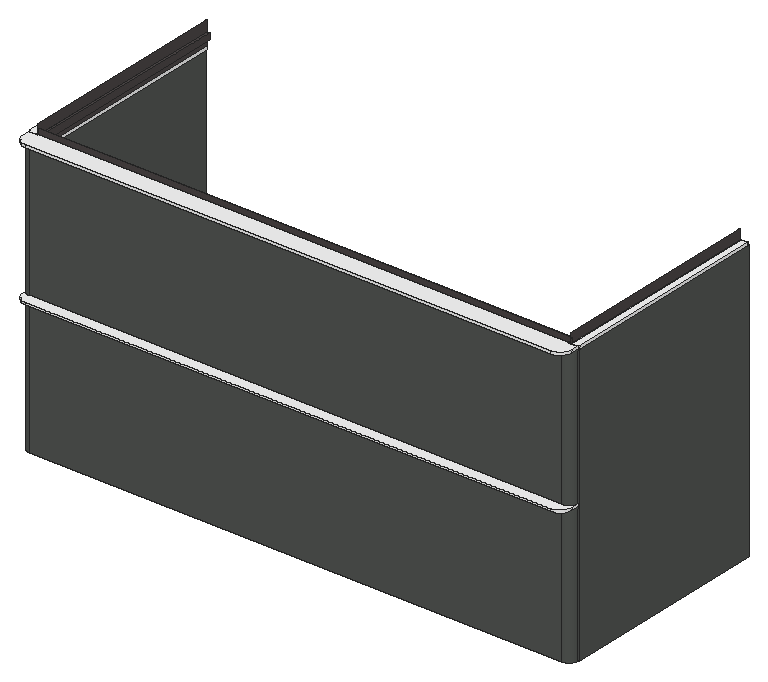
Revit family "vanity unit with 2 drawers", category Furniture, Revit 2019 (continued)
Definition of nested family "vanity unit 580_475 with 2 drawers for washbasin-54024700-diamond matt grey-matt_white-200_content"
  Parameters (values of type "Vanity unit 580_475 with 2 drawers for washbasin-54024700-Diamond Matt Grey-MATT_WHITE-200_Content")
    NAME = "Xelu Q Vanity unit Diamond Matt Grey 580/475 with 2 drawers for washbasin"
    Model = "Vanity unit 580/475 with 2 drawers for washbasin-54024700-Diamond Matt Grey-MATT_WHITE-200"
    Manufacturer = "Hansgrohe"
    MASTERFORMAT = "12 35 30.23 | Bathroom Casework"
    LODLEVEL = "200"
    LINA = "Vanity unit 580/475 with 2 drawers for washbasin-54024700-Diamond Matt Grey-MATT_WHITE-200"
    L = 580
    IFC = "Furnishing element"
    GTINCODE = "4059625455630"
    ETIM = "EC011381 | Bathroom furniture set"
    Default Elevation = 1219.2 mm
    DESIGN = "Germany"
    ContentVisible [instance] = yes
    CATALOG = "Hansgrohe"
    BIMOBJECT = "Sanitary: Compound units"
    BASENUMBER = "Vanity unit 580/475 with 2 drawers for washbasin"
    ARTNR = "54024700"
  Reference planes
    plane 1 "Center (Front/Back)": y = 0
    plane 2: z = 0
    plane 3 "Center (Left/Right)": x = 0
  Forms (mm)
    Extrusion 1, solid, visible <- "ContentVisible", detail levels medium+fine
      sketch origin (0, 0, 0) x (1, 0, 0) y (0, 1, 0)
        loop
          line (-290, 0) -> (-290, -476) -> (290, -476) -> (290, 0) -> (274, 0) -> (274, -72) -> (-274, -72) -> (-274, 0) -> (-290, 0)
      from 0 to 600
    Extrusion 2, solid, visible <- "ContentVisible", detail levels medium+fine
      sketch origin (0, 0, 297) x (1, 0, 0) y (0, 1, 0)
        loop
          line (-288.5, -453.5) -> (-288.5, -496) -> (288.5, -496) -> (288.5, -453.5) -> (-288.5, -453.5)
      from 0 to 5
    Extrusion 3, solid, visible <- "ContentVisible", detail levels medium+fine
      sketch origin (0, 0, 600) x (1, 0, 0) y (0, 1, 0)
        loop
          line (-288.5, -453.5) -> (-288.5, -496) -> (288.5, -496) -> (288.5, -453.5) -> (-288.5, -453.5)
      from 0 to 5
    Extrusion 4, solid, visible <- "ContentVisible", detail levels medium+fine
      sketch origin (0, 0, 0) x (1, 0, 0) y (0, 0, -1)
        loop
          line (-274, -566.8) -> (-274, -605) -> (-272.5, -605) -> (-272.5, -566.8) -> (-274, -566.8)
      from -455 to 0
    Extrusion 5, solid, visible <- "ContentVisible", detail levels medium+fine
      sketch origin (0, 0, 0) x (1, 0, 0) y (0, 0, -1)
        loop
          line (272.5, -566.8) -> (272.5, -605) -> (274, -605) -> (274, -566.8) -> (272.5, -566.8)
      from -455 to 0
    Extrusion 6, solid, visible <- "ContentVisible", detail levels medium+fine
      sketch origin (0, 0, 600) x (1, 0, 0) y (0, 1, 0)
        loop
          line (-290, 0) -> (-290, -455) -> (-274, -455) -> (-274, 0) -> (-290, 0)
      from 0 to 5
    Extrusion 7, solid, visible <- "ContentVisible", detail levels medium+fine
      sketch origin (0, 0, 600) x (1, 0, 0) y (0, 1, 0)
        loop
          line (274, 0) -> (274, -455) -> (290, -455) -> (290, 0) -> (274, 0)
      from 0 to 5
    Extrusion 8, solid, visible <- "ContentVisible", detail levels medium+fine
      sketch origin (0, 0, 0) x (1, 0, 0) y (0, 0, -1)
        loop
          line (-272.5, -575.3) -> (-272.5, -624.5) -> (-266.4, -624.5) -> (-266.4, -575.3) -> (-272.5, -575.3)
      from -453.5 to 0
    Extrusion 9, solid, visible <- "ContentVisible", detail levels medium+fine
      sketch origin (0, 0, 0) x (1, 0, 0) y (0, 0, -1)
        loop
          line (266.4, -575.3) -> (266.4, -624.5) -> (272.5, -624.5) -> (272.5, -575.3) -> (266.4, -575.3)
      from -453.5 to 0
    Extrusion 10, solid, visible <- "ContentVisible", detail levels medium+fine
      sketch origin (0, 0, 0) x (0, 0, -1) y (0, 1, 0)
        loop
          line (-616, -453.5) -> (-567, -453.5) -> (-567, -447.4) -> (-616, -447.4) -> (-616, -453.5)
      from -272.5 to 272.5
    Extrusion 11, solid, visible <- "ContentVisible", detail levels coarse
      sketch origin (0, -248, 0) x (1, 0, 0) y (0, 1, 0)
        loop
          line (-290, -248) -> (290, -248) -> (290, 248) -> (-290, 248) -> (-290, -248)
      from 0 to 624.5
  Dimensions and locks
    aligned and locked: level to plane 2
Definition of nested family "vanity unit 580_475 with 2 drawers for washbasin-54024700-diamond matt grey-matt_white-400_content"
  Parameters (values of type "Vanity unit 580_475 with 2 drawers for washbasin-54024700-Diamond Matt Grey-MATT_WHITE-400_Content")
    etim7_EC011381 = "EC011381"
    WEIGHT = "28.2"
    UNSPSC = "56 | Furniture and Furnishings"
    UNIFORMATII = "E2010 | Fixed Furnishings"
    UNICLASS_2015_CODE = "40_30_78_05"
    UNICLASS2015 = "Pr_40_30_78_05 | Bathroom furniture"
    SURFACE = "MATT_WHITE"
    REGIONSET = "Worldwide"
    PRODUCTURL = "https://pro.hansgrohe.com/articledetail--54024000"
    PRODUCTGROUP = "vanity unit"
    PRODUCTFAMILY = "Xelu Q"
    PERMALINK = "54024XXX"
    OMNICLASS = "23-21 19 15 33 13 | Residential Bathroom Specialty Casework"
    OBJECTTYPE = "Object (single object)"
    OBERFLAECHE = "Diamond Matt Grey"
    NN = "Vanity Unit with 2 Drawers"
    NBSYN = "$BASENUMBER.-$ARTNR.-$OBERFLAECHE.-$SURFACE.-$LODLEVEL."
    NB = "Vanity unit 580/475 with 2 drawers for washbasin-54024700-Diamond Matt Grey-MATT_WHITE-400"
    NAME = "Xelu Q Vanity unit Diamond Matt Grey 580/475 with 2 drawers for washbasin"
    Model = "Vanity unit 580/475 with 2 drawers for washbasin-54024700-Diamond Matt Grey-MATT_WHITE-400"
    Manufacturer = "Hansgrohe"
    MASTERFORMAT = "12 35 30.23 | Bathroom Casework"
    LODLEVEL = "400"
    LINA = "Vanity unit 580/475 with 2 drawers for washbasin-54024700-Diamond Matt Grey-MATT_WHITE-400"
    L = 580
    IFC = "Furnishing element"
    GTINCODE = "4059625455630"
    ETIM = "EC011381 | Bathroom furniture set"
    Default Elevation = 1219.2 mm
    DESIGN = "Germany"
    ContentVisible [instance] = yes
    CATALOG = "Hansgrohe"
    BIMOBJECT = "Sanitary: Compound units"
    BASENUMBER = "Vanity unit 580/475 with 2 drawers for washbasin"
    ARTNR = "54024700"
  Reference planes
    plane 1 "Center (Front/Back)": y = 0
    plane 2: z = 0
    plane 3 "Center (Left/Right)": x = 0
  Forms (mm)
    Extrusion 1, solid, visible <- "ContentVisible", detail levels medium+fine
      sketch origin (0, 0, 0) x (1, 0, 0) y (0, 1, 0)
        loop
          line (-290, 0) -> (-290, -452)
          arc (-290, -452) -> (-289.121, -454.121) -> (-287, -455) r 3
          line (-287, -455) -> (-274, -455) -> (-274, 0) -> (-290, 0)
      from 0 to 600
    Extrusion 2, solid, visible <- "ContentVisible", detail levels medium+fine
      sketch origin (0, 0, 2) x (1, 0, 0) y (0, 1, 0)
        loop
          line (-274, -88) -> (-274, -455) -> (274, -455) -> (274, -88) -> (-274, -88)
      from 0 to 16
    Extrusion 3, solid, visible <- "ContentVisible", detail levels medium+fine
      sketch origin (0, 0, 0) x (1, 0, 0) y (0, 1, 0)
        loop
          line (274, 0) -> (274, -455) -> (287, -455)
          arc (287, -455) -> (289.121, -454.121) -> (290, -452) r 3
          line (290, -452) -> (290, 0) -> (274, 0)
      from 0 to 600
    Extrusion 4, solid, visible <- "ContentVisible", detail levels medium+fine
      sketch origin (0, 0, 2) x (1, 0, 0) y (0, 1, 0)
        loop
          line (-274, -72) -> (-274, -88) -> (274, -88) -> (274, -72) -> (-274, -72)
      from 0 to 126
    Extrusion 5, solid, visible <- "ContentVisible", detail levels medium+fine
      sketch origin (0, 0, 2) x (1, 0, 0) y (0, 1, 0)
        loop
          arc (-290, -457) -> (-284.435, -470.435) -> (-271, -476) r 19
          line (-271, -476) -> (271, -476)
          arc (271, -476) -> (284.435, -470.435) -> (290, -457) r 19
          line (290, -457) -> (290, -455) -> (-290, -455) -> (-290, -457)
      from 0 to 295
    Extrusion 6, solid, visible <- "ContentVisible", detail levels medium+fine
      sketch origin (0, 0, 305) x (1, 0, 0) y (0, 1, 0)
        loop
          arc (-290, -457) -> (-284.435, -470.435) -> (-271, -476) r 19
          line (-271, -476) -> (271, -476)
          arc (271, -476) -> (284.435, -470.435) -> (290, -457) r 19
          line (290, -457) -> (290, -455) -> (-290, -455) -> (-290, -457)
      from 0 to 295
    Extrusion 7, solid, visible <- "ContentVisible", detail levels medium+fine
      sketch origin (0, 0, 297) x (1, 0, 0) y (0, 1, 0)
        loop
          line (-288.5, -455) -> (-288.5, -471)
          arc (-288.5, -471) -> (-281.178, -488.678) -> (-263.5, -496) r 25
          line (-263.5, -496) -> (263.5, -496)
          arc (263.5, -496) -> (281.178, -488.678) -> (288.5, -471) r 25
          line (288.5, -471) -> (288.5, -455) -> (268.5, -455) -> (268.5, -453.5) -> (-268.5, -453.5) -> (-268.5, -455) -> (-288.5, -455)
      from 0 to 5
    Extrusion 8, solid, visible <- "ContentVisible", detail levels medium+fine
      sketch origin (0, 0, 0) x (0, 0, -1) y (0, 1, 0)
        loop
          line (-297, -453.5) -> (-297, -455) -> (-267, -455) -> (-267, -453.5) -> (-297, -453.5)
      from -268.5 to 268.5
    Extrusion 9, solid, visible <- "ContentVisible", detail levels medium+fine
      sketch origin (0, 0, 600) x (1, 0, 0) y (0, 1, 0)
        loop
          line (-288.5, -455) -> (-288.5, -471)
          arc (-288.5, -471) -> (-281.178, -488.678) -> (-263.5, -496) r 25
          line (-263.5, -496) -> (263.5, -496)
          arc (263.5, -496) -> (281.178, -488.678) -> (288.5, -471) r 25
          line (288.5, -471) -> (288.5, -455) -> (268.5, -455) -> (268.5, -453.5) -> (-268.5, -453.5) -> (-268.5, -455) -> (-288.5, -455)
      from 0 to 5
    Extrusion 10, solid, visible <- "ContentVisible", detail levels medium+fine
      sketch origin (0, 0, 0) x (0, 0, -1) y (0, 1, 0)
        loop
          line (-600, -453.5) -> (-600, -455) -> (-570, -455) -> (-570, -453.5) -> (-600, -453.5)
      from -268.5 to 268.5
    Extrusion 11, solid, visible <- "ContentVisible", detail levels medium+fine
      sketch origin (0, 0, 0) x (1, 0, 0) y (0, 0, -1)
        loop
          line (-274, -566.8) -> (-274, -605) -> (-272.5, -605) -> (-272.5, -566.8) -> (-274, -566.8)
      from -455 to 0
    Extrusion 12, solid, visible <- "ContentVisible", detail levels medium+fine
      sketch origin (0, 0, 0) x (1, 0, 0) y (0, 0, -1)
        loop
          line (272.5, -566.8) -> (272.5, -605) -> (274, -605) -> (274, -566.8) -> (272.5, -566.8)
      from -455 to 0
    Extrusion 13, solid, visible <- "ContentVisible", detail levels medium+fine
      sketch origin (0, 0, 600) x (1, 0, 0) y (0, 1, 0)
        loop
          line (-290, -3) -> (-290, -452)
          arc (-290, -452) -> (-289.121, -454.121) -> (-287, -455) r 3
          line (-287, -455) -> (-274, -455) -> (-274, 0) -> (-287, 0)
          arc (-287, 0) -> (-289.121, -0.879) -> (-290, -3) r 3
      from 0 to 5
    Extrusion 14, solid, visible <- "ContentVisible", detail levels medium+fine
      sketch origin (0, 0, 600) x (1, 0, 0) y (0, 1, 0)
        loop
          line (274, 0) -> (274, -455) -> (287, -455)
          arc (287, -455) -> (289.121, -454.121) -> (290, -452) r 3
          line (290, -452) -> (290, -3)
          arc (290, -3) -> (289.121, -0.879) -> (287, 0) r 3
          line (287, 0) -> (274, 0)
      from 0 to 5
    Extrusion 15, solid, visible <- "ContentVisible", detail levels medium+fine
      sketch origin (0, 0, 0) x (1, 0, 0) y (0, 0, -1)
        loop
          line (-272.5, -575.3) -> (-272.5, -624.5) -> (-271, -624.5) -> (-271, -602.8) -> (-266.4, -602.8) -> (-266.4, -588.3) -> (-271, -588.3) -> (-271, -575.3) -> (-272.5, -575.3)
      from -453.5 to 0
    Extrusion 16, solid, visible <- "ContentVisible", detail levels medium+fine
      sketch origin (0, 0, 0) x (1, 0, 0) y (0, 0, -1)
        loop
          line (266.4, -588.3) -> (266.4, -602.8) -> (271, -602.8) -> (271, -624.5) -> (272.5, -624.5) -> (272.5, -575.3) -> (271, -575.3) -> (271, -588.3) -> (266.4, -588.3)
      from -453.5 to 0
    Extrusion 17, solid, visible <- "ContentVisible", detail levels medium+fine
      sketch origin (0, 0, 0) x (0, 0, -1) y (0, 1, 0)
        loop
          line (-616, -453.5) -> (-567, -453.5) -> (-567, -452) -> (-588.5, -452) -> (-588.5, -447.4) -> (-603, -447.4) -> (-603, -452) -> (-616, -452) -> (-616, -453.5)
      from -272.5 to 272.5
    Extrusion 18, solid, visible <- "ContentVisible", detail levels coarse
      sketch origin (0, -248, 0) x (1, 0, 0) y (0, 1, 0)
        loop
          line (-290, -248) -> (290, -248) -> (290, 248) -> (-290, 248) -> (-290, -248)
      from 0 to 624.5
  Dimensions and locks
    aligned and locked: level to plane 2
Definition of nested family "vanity unit 580_475 with 2 drawers for washbasin-54025000-natural oak-chrome-200_content"
  Parameters (values of type "Vanity unit 580_475 with 2 drawers for washbasin-54025000-Natural Oak-CHROME-200_Content")
    etim7_EC011381 = "EC011381"
    WEIGHT = "28.2"
    UNSPSC = "56 | Furniture and Furnishings"
    UNIFORMATII = "E2010 | Fixed Furnishings"
    UNICLASS_2015_CODE = "40_30_78_05"
    UNICLASS2015 = "Pr_40_30_78_05 | Bathroom furniture"
    SURFACE = "CHROME"
    REGIONSET = "Worldwide"
    PRODUCTURL = "https://pro.hansgrohe.com/articledetail--54025000"
    PRODUCTGROUP = "vanity unit"
    PRODUCTFAMILY = "Xelu Q"
    PERMALINK = "54025XXX"
    OMNICLASS = "23-21 19 15 33 13 | Residential Bathroom Specialty Casework"
    OBJECTTYPE = "Object (single object)"
    OBERFLAECHE = "Natural Oak"
    NN = "Vanity Unit with 2 Drawers"
    NBSYN = "$BASENUMBER.-$ARTNR.-$OBERFLAECHE.-$SURFACE.-$LODLEVEL."
    NB = "Vanity unit 580/475 with 2 drawers for washbasin-54025000-Natural Oak-CHROME-200"
    NAME = "Xelu Q Vanity unit Natural Oak 580/475 with 2 drawers for washbasin"
    Model = "Vanity unit 580/475 with 2 drawers for washbasin-54025000-Natural Oak-CHROME-200"
    Manufacturer = "Hansgrohe"
    MASTERFORMAT = "12 35 30.23 | Bathroom Casework"
    LODLEVEL = "200"
    LINA = "Vanity unit 580/475 with 2 drawers for washbasin-54025000-Natural Oak-CHROME-200"
    L = 580
    IFC = "Furnishing element"
    GTINCODE = "4059625455609"
    ETIM = "EC011381 | Bathroom furniture set"
    Default Elevation = 1219.2 mm
    DESIGN = "Germany"
    ContentVisible [instance] = yes
    CATALOG = "Hansgrohe"
    BIMOBJECT = "Sanitary: Compound units"
    BASENUMBER = "Vanity unit 580/475 with 2 drawers for washbasin"
    ARTNR = "54025000"
  Reference planes
    plane 1 "Center (Front/Back)": y = 0
    plane 2: z = 0
    plane 3 "Center (Left/Right)": x = 0
  Forms (mm)
    Extrusion 1, solid, visible <- "ContentVisible", detail levels medium+fine
      sketch origin (0, 0, 0) x (1, 0, 0) y (0, 1, 0)
        loop
          line (-290, 0) -> (-290, -476) -> (290, -476) -> (290, 0) -> (274, 0) -> (274, -72) -> (-274, -72) -> (-274, 0) -> (-290, 0)
      from 0 to 600
    Extrusion 2, solid, visible <- "ContentVisible", detail levels medium+fine
      sketch origin (0, 0, 297) x (1, 0, 0) y (0, 1, 0)
        loop
          line (-288.5, -453.5) -> (-288.5, -496) -> (288.5, -496) -> (288.5, -453.5) -> (-288.5, -453.5)
      from 0 to 5
    Extrusion 3, solid, visible <- "ContentVisible", detail levels medium+fine
      sketch origin (0, 0, 600) x (1, 0, 0) y (0, 1, 0)
        loop
          line (-288.5, -453.5) -> (-288.5, -496) -> (288.5, -496) -> (288.5, -453.5) -> (-288.5, -453.5)
      from 0 to 5
    Extrusion 4, solid, visible <- "ContentVisible", detail levels medium+fine
      sketch origin (0, 0, 0) x (1, 0, 0) y (0, 0, -1)
        loop
          line (-274, -566.8) -> (-274, -605) -> (-272.5, -605) -> (-272.5, -566.8) -> (-274, -566.8)
      from -455 to 0
    Extrusion 5, solid, visible <- "ContentVisible", detail levels medium+fine
      sketch origin (0, 0, 0) x (1, 0, 0) y (0, 0, -1)
        loop
          line (272.5, -566.8) -> (272.5, -605) -> (274, -605) -> (274, -566.8) -> (272.5, -566.8)
      from -455 to 0
    Extrusion 6, solid, visible <- "ContentVisible", detail levels medium+fine
      sketch origin (0, 0, 600) x (1, 0, 0) y (0, 1, 0)
        loop
          line (-290, 0) -> (-290, -455) -> (-274, -455) -> (-274, 0) -> (-290, 0)
      from 0 to 5
    Extrusion 7, solid, visible <- "ContentVisible", detail levels medium+fine
      sketch origin (0, 0, 600) x (1, 0, 0) y (0, 1, 0)
        loop
          line (274, 0) -> (274, -455) -> (290, -455) -> (290, 0) -> (274, 0)
      from 0 to 5
    Extrusion 8, solid, visible <- "ContentVisible", detail levels medium+fine
      sketch origin (0, 0, 0) x (1, 0, 0) y (0, 0, -1)
        loop
          line (-272.5, -575.3) -> (-272.5, -624.5) -> (-266.4, -624.5) -> (-266.4, -575.3) -> (-272.5, -575.3)
      from -453.5 to 0
    Extrusion 9, solid, visible <- "ContentVisible", detail levels medium+fine
      sketch origin (0, 0, 0) x (1, 0, 0) y (0, 0, -1)
        loop
          line (266.4, -575.3) -> (266.4, -624.5) -> (272.5, -624.5) -> (272.5, -575.3) -> (266.4, -575.3)
      from -453.5 to 0
    Extrusion 10, solid, visible <- "ContentVisible", detail levels medium+fine
      sketch origin (0, 0, 0) x (0, 0, -1) y (0, 1, 0)
        loop
          line (-616, -453.5) -> (-567, -453.5) -> (-567, -447.4) -> (-616, -447.4) -> (-616, -453.5)
      from -272.5 to 272.5
    Extrusion 11, solid, visible <- "ContentVisible", detail levels coarse
      sketch origin (0, -248, 0) x (1, 0, 0) y (0, 1, 0)
        loop
          line (-290, -248) -> (290, -248) -> (290, 248) -> (-290, 248) -> (-290, -248)
      from 0 to 624.5
  Dimensions and locks
    aligned and locked: level to plane 2
Definition of nested family "vanity unit 580_475 with 2 drawers for washbasin-54025000-natural oak-chrome-400_content"
  Parameters (values of type "Vanity unit 580_475 with 2 drawers for washbasin-54025000-Natural Oak-CHROME-400_Content")
    etim7_EC011381 = "EC011381"
    WEIGHT = "28.2"
    UNSPSC = "56 | Furniture and Furnishings"
    UNIFORMATII = "E2010 | Fixed Furnishings"
    UNICLASS_2015_CODE = "40_30_78_05"
    UNICLASS2015 = "Pr_40_30_78_05 | Bathroom furniture"
    SURFACE = "CHROME"
    REGIONSET = "Worldwide"
    PRODUCTURL = "https://pro.hansgrohe.com/articledetail--54025000"
    PRODUCTGROUP = "vanity unit"
    PRODUCTFAMILY = "Xelu Q"
    PERMALINK = "54025XXX"
    OMNICLASS = "23-21 19 15 33 13 | Residential Bathroom Specialty Casework"
    OBJECTTYPE = "Object (single object)"
    OBERFLAECHE = "Natural Oak"
    NN = "Vanity Unit with 2 Drawers"
    NBSYN = "$BASENUMBER.-$ARTNR.-$OBERFLAECHE.-$SURFACE.-$LODLEVEL."
    NB = "Vanity unit 580/475 with 2 drawers for washbasin-54025000-Natural Oak-CHROME-400"
    NAME = "Xelu Q Vanity unit Natural Oak 580/475 with 2 drawers for washbasin"
    Model = "Vanity unit 580/475 with 2 drawers for washbasin-54025000-Natural Oak-CHROME-400"
    Manufacturer = "Hansgrohe"
    MASTERFORMAT = "12 35 30.23 | Bathroom Casework"
    LODLEVEL = "400"
    LINA = "Vanity unit 580/475 with 2 drawers for washbasin-54025000-Natural Oak-CHROME-400"
    L = 580
    IFC = "Furnishing element"
    GTINCODE = "4059625455609"
    ETIM = "EC011381 | Bathroom furniture set"
    Default Elevation = 1219.2 mm
    DESIGN = "Germany"
    ContentVisible [instance] = yes
    CATALOG = "Hansgrohe"
    BIMOBJECT = "Sanitary: Compound units"
    BASENUMBER = "Vanity unit 580/475 with 2 drawers for washbasin"
    ARTNR = "54025000"
  Reference planes
    plane 1 "Center (Front/Back)": y = 0
    plane 2: z = 0
    plane 3 "Center (Left/Right)": x = 0
  Forms (mm)
    Extrusion 1, solid, visible <- "ContentVisible", detail levels medium+fine
      sketch origin (0, 0, 0) x (1, 0, 0) y (0, 1, 0)
        loop
          line (-290, 0) -> (-290, -452)
          arc (-290, -452) -> (-289.121, -454.121) -> (-287, -455) r 3
          line (-287, -455) -> (-274, -455) -> (-274, 0) -> (-290, 0)
      from 0 to 600
    Extrusion 2, solid, visible <- "ContentVisible", detail levels medium+fine
      sketch origin (0, 0, 2) x (1, 0, 0) y (0, 1, 0)
        loop
          line (-274, -88) -> (-274, -455) -> (274, -455) -> (274, -88) -> (-274, -88)
      from 0 to 16
    Extrusion 3, solid, visible <- "ContentVisible", detail levels medium+fine
      sketch origin (0, 0, 0) x (1, 0, 0) y (0, 1, 0)
        loop
          line (274, 0) -> (274, -455) -> (287, -455)
          arc (287, -455) -> (289.121, -454.121) -> (290, -452) r 3
          line (290, -452) -> (290, 0) -> (274, 0)
      from 0 to 600
    Extrusion 4, solid, visible <- "ContentVisible", detail levels medium+fine
      sketch origin (0, 0, 2) x (1, 0, 0) y (0, 1, 0)
        loop
          line (-274, -72) -> (-274, -88) -> (274, -88) -> (274, -72) -> (-274, -72)
      from 0 to 126
    Extrusion 5, solid, visible <- "ContentVisible", detail levels medium+fine
      sketch origin (0, 0, 2) x (1, 0, 0) y (0, 1, 0)
        loop
          arc (-290, -457) -> (-284.435, -470.435) -> (-271, -476) r 19
          line (-271, -476) -> (271, -476)
          arc (271, -476) -> (284.435, -470.435) -> (290, -457) r 19
          line (290, -457) -> (290, -455) -> (-290, -455) -> (-290, -457)
      from 0 to 295
    Extrusion 6, solid, visible <- "ContentVisible", detail levels medium+fine
      sketch origin (0, 0, 305) x (1, 0, 0) y (0, 1, 0)
        loop
          arc (-290, -457) -> (-284.435, -470.435) -> (-271, -476) r 19
          line (-271, -476) -> (271, -476)
          arc (271, -476) -> (284.435, -470.435) -> (290, -457) r 19
          line (290, -457) -> (290, -455) -> (-290, -455) -> (-290, -457)
      from 0 to 295
    Extrusion 7, solid, visible <- "ContentVisible", detail levels medium+fine
      sketch origin (0, 0, 297) x (1, 0, 0) y (0, 1, 0)
        loop
          line (-288.5, -455) -> (-288.5, -471)
          arc (-288.5, -471) -> (-281.178, -488.678) -> (-263.5, -496) r 25
          line (-263.5, -496) -> (263.5, -496)
          arc (263.5, -496) -> (281.178, -488.678) -> (288.5, -471) r 25
          line (288.5, -471) -> (288.5, -455) -> (268.5, -455) -> (268.5, -453.5) -> (-268.5, -453.5) -> (-268.5, -455) -> (-288.5, -455)
      from 0 to 5
    Extrusion 8, solid, visible <- "ContentVisible", detail levels medium+fine
      sketch origin (0, 0, 0) x (0, 0, -1) y (0, 1, 0)
        loop
          line (-297, -453.5) -> (-297, -455) -> (-267, -455) -> (-267, -453.5) -> (-297, -453.5)
      from -268.5 to 268.5
    Extrusion 9, solid, visible <- "ContentVisible", detail levels medium+fine
      sketch origin (0, 0, 600) x (1, 0, 0) y (0, 1, 0)
        loop
          line (-288.5, -455) -> (-288.5, -471)
          arc (-288.5, -471) -> (-281.178, -488.678) -> (-263.5, -496) r 25
          line (-263.5, -496) -> (263.5, -496)
          arc (263.5, -496) -> (281.178, -488.678) -> (288.5, -471) r 25
          line (288.5, -471) -> (288.5, -455) -> (268.5, -455) -> (268.5, -453.5) -> (-268.5, -453.5) -> (-268.5, -455) -> (-288.5, -455)
      from 0 to 5
    Extrusion 10, solid, visible <- "ContentVisible", detail levels medium+fine
      sketch origin (0, 0, 0) x (0, 0, -1) y (0, 1, 0)
        loop
          line (-600, -453.5) -> (-600, -455) -> (-570, -455) -> (-570, -453.5) -> (-600, -453.5)
      from -268.5 to 268.5
    Extrusion 11, solid, visible <- "ContentVisible", detail levels medium+fine
      sketch origin (0, 0, 0) x (1, 0, 0) y (0, 0, -1)
        loop
          line (-274, -566.8) -> (-274, -605) -> (-272.5, -605) -> (-272.5, -566.8) -> (-274, -566.8)
      from -455 to 0
    Extrusion 12, solid, visible <- "ContentVisible", detail levels medium+fine
      sketch origin (0, 0, 0) x (1, 0, 0) y (0, 0, -1)
        loop
          line (272.5, -566.8) -> (272.5, -605) -> (274, -605) -> (274, -566.8) -> (272.5, -566.8)
      from -455 to 0
    Extrusion 13, solid, visible <- "ContentVisible", detail levels medium+fine
      sketch origin (0, 0, 600) x (1, 0, 0) y (0, 1, 0)
        loop
          line (-290, -3) -> (-290, -452)
          arc (-290, -452) -> (-289.121, -454.121) -> (-287, -455) r 3
          line (-287, -455) -> (-274, -455) -> (-274, 0) -> (-287, 0)
          arc (-287, 0) -> (-289.121, -0.879) -> (-290, -3) r 3
      from 0 to 5
    Extrusion 14, solid, visible <- "ContentVisible", detail levels medium+fine
      sketch origin (0, 0, 600) x (1, 0, 0) y (0, 1, 0)
        loop
          line (274, 0) -> (274, -455) -> (287, -455)
          arc (287, -455) -> (289.121, -454.121) -> (290, -452) r 3
          line (290, -452) -> (290, -3)
          arc (290, -3) -> (289.121, -0.879) -> (287, 0) r 3
          line (287, 0) -> (274, 0)
      from 0 to 5
    Extrusion 15, solid, visible <- "ContentVisible", detail levels medium+fine
      sketch origin (0, 0, 0) x (1, 0, 0) y (0, 0, -1)
        loop
          line (-272.5, -575.3) -> (-272.5, -624.5) -> (-271, -624.5) -> (-271, -602.8) -> (-266.4, -602.8) -> (-266.4, -588.3) -> (-271, -588.3) -> (-271, -575.3) -> (-272.5, -575.3)
      from -453.5 to 0
    Extrusion 16, solid, visible <- "ContentVisible", detail levels medium+fine
      sketch origin (0, 0, 0) x (1, 0, 0) y (0, 0, -1)
        loop
          line (266.4, -588.3) -> (266.4, -602.8) -> (271, -602.8) -> (271, -624.5) -> (272.5, -624.5) -> (272.5, -575.3) -> (271, -575.3) -> (271, -588.3) -> (266.4, -588.3)
      from -453.5 to 0
    Extrusion 17, solid, visible <- "ContentVisible", detail levels medium+fine
      sketch origin (0, 0, 0) x (0, 0, -1) y (0, 1, 0)
        loop
          line (-616, -453.5) -> (-567, -453.5) -> (-567, -452) -> (-588.5, -452) -> (-588.5, -447.4) -> (-603, -447.4) -> (-603, -452) -> (-616, -452) -> (-616, -453.5)
      from -272.5 to 272.5
    Extrusion 18, solid, visible <- "ContentVisible", detail levels coarse
      sketch origin (0, -248, 0) x (1, 0, 0) y (0, 1, 0)
        loop
          line (-290, -248) -> (290, -248) -> (290, 248) -> (-290, 248) -> (-290, -248)
      from 0 to 624.5
  Dimensions and locks
    aligned and locked: level to plane 2
Definition of nested family "vanity unit 580_475 with 2 drawers for washbasin-54025670-natural oak-matt_black-200_content"
  Parameters (values of type "Vanity unit 580_475 with 2 drawers for washbasin-54025670-Natural Oak-MATT_BLACK-200_Content")
    etim7_EC011381 = "EC011381"
    WEIGHT = "28.2"
    UNSPSC = "56 | Furniture and Furnishings"
    UNIFORMATII = "E2010 | Fixed Furnishings"
    UNICLASS_2015_CODE = "40_30_78_05"
    UNICLASS2015 = "Pr_40_30_78_05 | Bathroom furniture"
    SURFACE = "MATT_BLACK"
    REGIONSET = "Worldwide"
    PRODUCTURL = "https://pro.hansgrohe.com/articledetail--54025000"
    PRODUCTGROUP = "vanity unit"
    PRODUCTFAMILY = "Xelu Q"
    PERMALINK = "54025XXX"
    OMNICLASS = "23-21 19 15 33 13 | Residential Bathroom Specialty Casework"
    OBJECTTYPE = "Object (single object)"
    OBERFLAECHE = "Natural Oak"
    NN = "Vanity Unit with 2 Drawers"
    NBSYN = "$BASENUMBER.-$ARTNR.-$OBERFLAECHE.-$SURFACE.-$LODLEVEL."
    NB = "Vanity unit 580/475 with 2 drawers for washbasin-54025670-Natural Oak-MATT_BLACK-200"
    NAME = "Xelu Q Vanity unit Natural Oak 580/475 with 2 drawers for washbasin"
    Model = "Vanity unit 580/475 with 2 drawers for washbasin-54025670-Natural Oak-MATT_BLACK-200"
    Manufacturer = "Hansgrohe"
    MASTERFORMAT = "12 35 30.23 | Bathroom Casework"
    LODLEVEL = "200"
    LINA = "Vanity unit 580/475 with 2 drawers for washbasin-54025670-Natural Oak-MATT_BLACK-200"
    L = 580
    IFC = "Furnishing element"
    GTINCODE = "4059625455609"
    ETIM = "EC011381 | Bathroom furniture set"
    Default Elevation = 1219.2 mm
    DESIGN = "Germany"
    ContentVisible [instance] = yes
    CATALOG = "Hansgrohe"
    BIMOBJECT = "Sanitary: Compound units"
    BASENUMBER = "Vanity unit 580/475 with 2 drawers for washbasin"
    ARTNR = "54025670"
  Reference planes
    plane 1 "Center (Front/Back)": y = 0
    plane 2: z = 0
    plane 3 "Center (Left/Right)": x = 0
  Forms (mm)
    Extrusion 1, solid, visible <- "ContentVisible", detail levels medium+fine
      sketch origin (0, 0, 0) x (1, 0, 0) y (0, 1, 0)
        loop
          line (-290, 0) -> (-290, -476) -> (290, -476) -> (290, 0) -> (274, 0) -> (274, -72) -> (-274, -72) -> (-274, 0) -> (-290, 0)
      from 0 to 600
    Extrusion 2, solid, visible <- "ContentVisible", detail levels medium+fine
      sketch origin (0, 0, 297) x (1, 0, 0) y (0, 1, 0)
        loop
          line (-288.5, -453.5) -> (-288.5, -496) -> (288.5, -496) -> (288.5, -453.5) -> (-288.5, -453.5)
      from 0 to 5
    Extrusion 3, solid, visible <- "ContentVisible", detail levels medium+fine
      sketch origin (0, 0, 600) x (1, 0, 0) y (0, 1, 0)
        loop
          line (-288.5, -453.5) -> (-288.5, -496) -> (288.5, -496) -> (288.5, -453.5) -> (-288.5, -453.5)
      from 0 to 5
    Extrusion 4, solid, visible <- "ContentVisible", detail levels medium+fine
      sketch origin (0, 0, 0) x (1, 0, 0) y (0, 0, -1)
        loop
          line (-274, -566.8) -> (-274, -605) -> (-272.5, -605) -> (-272.5, -566.8) -> (-274, -566.8)
      from -455 to 0
    Extrusion 5, solid, visible <- "ContentVisible", detail levels medium+fine
      sketch origin (0, 0, 0) x (1, 0, 0) y (0, 0, -1)
        loop
          line (272.5, -566.8) -> (272.5, -605) -> (274, -605) -> (274, -566.8) -> (272.5, -566.8)
      from -455 to 0
    Extrusion 6, solid, visible <- "ContentVisible", detail levels medium+fine
      sketch origin (0, 0, 600) x (1, 0, 0) y (0, 1, 0)
        loop
          line (-290, 0) -> (-290, -455) -> (-274, -455) -> (-274, 0) -> (-290, 0)
      from 0 to 5
    Extrusion 7, solid, visible <- "ContentVisible", detail levels medium+fine
      sketch origin (0, 0, 600) x (1, 0, 0) y (0, 1, 0)
        loop
          line (274, 0) -> (274, -455) -> (290, -455) -> (290, 0) -> (274, 0)
      from 0 to 5
    Extrusion 8, solid, visible <- "ContentVisible", detail levels medium+fine
      sketch origin (0, 0, 0) x (1, 0, 0) y (0, 0, -1)
        loop
          line (-272.5, -575.3) -> (-272.5, -624.5) -> (-266.4, -624.5) -> (-266.4, -575.3) -> (-272.5, -575.3)
      from -453.5 to 0
    Extrusion 9, solid, visible <- "ContentVisible", detail levels medium+fine
      sketch origin (0, 0, 0) x (1, 0, 0) y (0, 0, -1)
        loop
          line (266.4, -575.3) -> (266.4, -624.5) -> (272.5, -624.5) -> (272.5, -575.3) -> (266.4, -575.3)
      from -453.5 to 0
    Extrusion 10, solid, visible <- "ContentVisible", detail levels medium+fine
      sketch origin (0, 0, 0) x (0, 0, -1) y (0, 1, 0)
        loop
          line (-616, -453.5) -> (-567, -453.5) -> (-567, -447.4) -> (-616, -447.4) -> (-616, -453.5)
      from -272.5 to 272.5
    Extrusion 11, solid, visible <- "ContentVisible", detail levels coarse
      sketch origin (0, -248, 0) x (1, 0, 0) y (0, 1, 0)
        loop
          line (-290, -248) -> (290, -248) -> (290, 248) -> (-290, 248) -> (-290, -248)
      from 0 to 624.5
  Dimensions and locks
    aligned and locked: level to plane 2
Definition of nested family "vanity unit 580_475 with 2 drawers for washbasin-54025670-natural oak-matt_black-400_content"
  Parameters (values of type "Vanity unit 580_475 with 2 drawers for washbasin-54025670-Natural Oak-MATT_BLACK-400_Content")
    etim7_EC011381 = "EC011381"
    WEIGHT = "28.2"
    UNSPSC = "56 | Furniture and Furnishings"
    UNIFORMATII = "E2010 | Fixed Furnishings"
    UNICLASS_2015_CODE = "40_30_78_05"
    UNICLASS2015 = "Pr_40_30_78_05 | Bathroom furniture"
    SURFACE = "MATT_BLACK"
    REGIONSET = "Worldwide"
    PRODUCTURL = "https://pro.hansgrohe.com/articledetail--54025000"
    PRODUCTGROUP = "vanity unit"
    PRODUCTFAMILY = "Xelu Q"
    PERMALINK = "54025XXX"
    OMNICLASS = "23-21 19 15 33 13 | Residential Bathroom Specialty Casework"
    OBJECTTYPE = "Object (single object)"
    OBERFLAECHE = "Natural Oak"
    NN = "Vanity Unit with 2 Drawers"
    NBSYN = "$BASENUMBER.-$ARTNR.-$OBERFLAECHE.-$SURFACE.-$LODLEVEL."
    NB = "Vanity unit 580/475 with 2 drawers for washbasin-54025670-Natural Oak-MATT_BLACK-400"
    NAME = "Xelu Q Vanity unit Natural Oak 580/475 with 2 drawers for washbasin"
    Model = "Vanity unit 580/475 with 2 drawers for washbasin-54025670-Natural Oak-MATT_BLACK-400"
    Manufacturer = "Hansgrohe"
    MASTERFORMAT = "12 35 30.23 | Bathroom Casework"
    LODLEVEL = "400"
    LINA = "Vanity unit 580/475 with 2 drawers for washbasin-54025670-Natural Oak-MATT_BLACK-400"
    L = 580
    IFC = "Furnishing element"
    GTINCODE = "4059625455609"
    ETIM = "EC011381 | Bathroom furniture set"
    Default Elevation = 1219.2 mm
    DESIGN = "Germany"
    ContentVisible [instance] = yes
    CATALOG = "Hansgrohe"
    BIMOBJECT = "Sanitary: Compound units"
    BASENUMBER = "Vanity unit 580/475 with 2 drawers for washbasin"
    ARTNR = "54025670"
  Reference planes
    plane 1 "Center (Front/Back)": y = 0
    plane 2: z = 0
    plane 3 "Center (Left/Right)": x = 0
  Forms (mm)
    Extrusion 1, solid, visible <- "ContentVisible", detail levels medium+fine
      sketch origin (0, 0, 0) x (1, 0, 0) y (0, 1, 0)
        loop
          line (-290, 0) -> (-290, -452)
          arc (-290, -452) -> (-289.121, -454.121) -> (-287, -455) r 3
          line (-287, -455) -> (-274, -455) -> (-274, 0) -> (-290, 0)
      from 0 to 600
    Extrusion 2, solid, visible <- "ContentVisible", detail levels medium+fine
      sketch origin (0, 0, 2) x (1, 0, 0) y (0, 1, 0)
        loop
          line (-274, -88) -> (-274, -455) -> (274, -455) -> (274, -88) -> (-274, -88)
      from 0 to 16
    Extrusion 3, solid, visible <- "ContentVisible", detail levels medium+fine
      sketch origin (0, 0, 0) x (1, 0, 0) y (0, 1, 0)
        loop
          line (274, 0) -> (274, -455) -> (287, -455)
          arc (287, -455) -> (289.121, -454.121) -> (290, -452) r 3
          line (290, -452) -> (290, 0) -> (274, 0)
      from 0 to 600
    Extrusion 4, solid, visible <- "ContentVisible", detail levels medium+fine
      sketch origin (0, 0, 2) x (1, 0, 0) y (0, 1, 0)
        loop
          line (-274, -72) -> (-274, -88) -> (274, -88) -> (274, -72) -> (-274, -72)
      from 0 to 126
    Extrusion 5, solid, visible <- "ContentVisible", detail levels medium+fine
      sketch origin (0, 0, 2) x (1, 0, 0) y (0, 1, 0)
        loop
          arc (-290, -457) -> (-284.435, -470.435) -> (-271, -476) r 19
          line (-271, -476) -> (271, -476)
          arc (271, -476) -> (284.435, -470.435) -> (290, -457) r 19
          line (290, -457) -> (290, -455) -> (-290, -455) -> (-290, -457)
      from 0 to 295
    Extrusion 6, solid, visible <- "ContentVisible", detail levels medium+fine
      sketch origin (0, 0, 305) x (1, 0, 0) y (0, 1, 0)
        loop
          arc (-290, -457) -> (-284.435, -470.435) -> (-271, -476) r 19
          line (-271, -476) -> (271, -476)
          arc (271, -476) -> (284.435, -470.435) -> (290, -457) r 19
          line (290, -457) -> (290, -455) -> (-290, -455) -> (-290, -457)
      from 0 to 295
    Extrusion 7, solid, visible <- "ContentVisible", detail levels medium+fine
      sketch origin (0, 0, 297) x (1, 0, 0) y (0, 1, 0)
        loop
          line (-288.5, -455) -> (-288.5, -471)
          arc (-288.5, -471) -> (-281.178, -488.678) -> (-263.5, -496) r 25
          line (-263.5, -496) -> (263.5, -496)
          arc (263.5, -496) -> (281.178, -488.678) -> (288.5, -471) r 25
          line (288.5, -471) -> (288.5, -455) -> (268.5, -455) -> (268.5, -453.5) -> (-268.5, -453.5) -> (-268.5, -455) -> (-288.5, -455)
      from 0 to 5
    Extrusion 8, solid, visible <- "ContentVisible", detail levels medium+fine
      sketch origin (0, 0, 0) x (0, 0, -1) y (0, 1, 0)
        loop
          line (-297, -453.5) -> (-297, -455) -> (-267, -455) -> (-267, -453.5) -> (-297, -453.5)
      from -268.5 to 268.5
    Extrusion 9, solid, visible <- "ContentVisible", detail levels medium+fine
      sketch origin (0, 0, 600) x (1, 0, 0) y (0, 1, 0)
        loop
          line (-288.5, -455) -> (-288.5, -471)
          arc (-288.5, -471) -> (-281.178, -488.678) -> (-263.5, -496) r 25
          line (-263.5, -496) -> (263.5, -496)
          arc (263.5, -496) -> (281.178, -488.678) -> (288.5, -471) r 25
          line (288.5, -471) -> (288.5, -455) -> (268.5, -455) -> (268.5, -453.5) -> (-268.5, -453.5) -> (-268.5, -455) -> (-288.5, -455)
      from 0 to 5
    Extrusion 10, solid, visible <- "ContentVisible", detail levels medium+fine
      sketch origin (0, 0, 0) x (0, 0, -1) y (0, 1, 0)
        loop
          line (-600, -453.5) -> (-600, -455) -> (-570, -455) -> (-570, -453.5) -> (-600, -453.5)
      from -268.5 to 268.5
    Extrusion 11, solid, visible <- "ContentVisible", detail levels medium+fine
      sketch origin (0, 0, 0) x (1, 0, 0) y (0, 0, -1)
        loop
          line (-274, -566.8) -> (-274, -605) -> (-272.5, -605) -> (-272.5, -566.8) -> (-274, -566.8)
      from -455 to 0
    Extrusion 12, solid, visible <- "ContentVisible", detail levels medium+fine
      sketch origin (0, 0, 0) x (1, 0, 0) y (0, 0, -1)
        loop
          line (272.5, -566.8) -> (272.5, -605) -> (274, -605) -> (274, -566.8) -> (272.5, -566.8)
      from -455 to 0
    Extrusion 13, solid, visible <- "ContentVisible", detail levels medium+fine
      sketch origin (0, 0, 600) x (1, 0, 0) y (0, 1, 0)
        loop
          line (-290, -3) -> (-290, -452)
          arc (-290, -452) -> (-289.121, -454.121) -> (-287, -455) r 3
          line (-287, -455) -> (-274, -455) -> (-274, 0) -> (-287, 0)
          arc (-287, 0) -> (-289.121, -0.879) -> (-290, -3) r 3
      from 0 to 5
    Extrusion 14, solid, visible <- "ContentVisible", detail levels medium+fine
      sketch origin (0, 0, 600) x (1, 0, 0) y (0, 1, 0)
        loop
          line (274, 0) -> (274, -455) -> (287, -455)
          arc (287, -455) -> (289.121, -454.121) -> (290, -452) r 3
          line (290, -452) -> (290, -3)
          arc (290, -3) -> (289.121, -0.879) -> (287, 0) r 3
          line (287, 0) -> (274, 0)
      from 0 to 5
    Extrusion 15, solid, visible <- "ContentVisible", detail levels medium+fine
      sketch origin (0, 0, 0) x (1, 0, 0) y (0, 0, -1)
        loop
          line (-272.5, -575.3) -> (-272.5, -624.5) -> (-271, -624.5) -> (-271, -602.8) -> (-266.4, -602.8) -> (-266.4, -588.3) -> (-271, -588.3) -> (-271, -575.3) -> (-272.5, -575.3)
      from -453.5 to 0
    Extrusion 16, solid, visible <- "ContentVisible", detail levels medium+fine
      sketch origin (0, 0, 0) x (1, 0, 0) y (0, 0, -1)
        loop
          line (266.4, -588.3) -> (266.4, -602.8) -> (271, -602.8) -> (271, -624.5) -> (272.5, -624.5) -> (272.5, -575.3) -> (271, -575.3) -> (271, -588.3) -> (266.4, -588.3)
      from -453.5 to 0
    Extrusion 17, solid, visible <- "ContentVisible", detail levels medium+fine
      sketch origin (0, 0, 0) x (0, 0, -1) y (0, 1, 0)
        loop
          line (-616, -453.5) -> (-567, -453.5) -> (-567, -452) -> (-588.5, -452) -> (-588.5, -447.4) -> (-603, -447.4) -> (-603, -452) -> (-616, -452) -> (-616, -453.5)
      from -272.5 to 272.5
    Extrusion 18, solid, visible <- "ContentVisible", detail levels coarse
      sketch origin (0, -248, 0) x (1, 0, 0) y (0, 1, 0)
        loop
          line (-290, -248) -> (290, -248) -> (290, 248) -> (-290, 248) -> (-290, -248)
      from 0 to 624.5
  Dimensions and locks
    aligned and locked: level to plane 2
Definition of nested family "vanity unit 580_475 with 2 drawers for washbasin-54025700-natural oak-matt_white-200_content"
  Parameters (values of type "Vanity unit 580_475 with 2 drawers for washbasin-54025700-Natural Oak-MATT_WHITE-200_Content")
    etim7_EC011381 = "EC011381"
    WEIGHT = "28.2"
    UNSPSC = "56 | Furniture and Furnishings"
    UNIFORMATII = "E2010 | Fixed Furnishings"
    UNICLASS_2015_CODE = "40_30_78_05"
    UNICLASS2015 = "Pr_40_30_78_05 | Bathroom furniture"
    SURFACE = "MATT_WHITE"
    REGIONSET = "Worldwide"
    PRODUCTURL = "https://pro.hansgrohe.com/articledetail--54025000"
    PRODUCTGROUP = "vanity unit"
    PRODUCTFAMILY = "Xelu Q"
    PERMALINK = "54025XXX"
    OMNICLASS = "23-21 19 15 33 13 | Residential Bathroom Specialty Casework"
    OBJECTTYPE = "Object (single object)"
    OBERFLAECHE = "Natural Oak"
    NN = "Vanity Unit with 2 Drawers"
    NBSYN = "$BASENUMBER.-$ARTNR.-$OBERFLAECHE.-$SURFACE.-$LODLEVEL."
    NB = "Vanity unit 580/475 with 2 drawers for washbasin-54025700-Natural Oak-MATT_WHITE-200"
    NAME = "Xelu Q Vanity unit Natural Oak 580/475 with 2 drawers for washbasin"
    Model = "Vanity unit 580/475 with 2 drawers for washbasin-54025700-Natural Oak-MATT_WHITE-200"
    Manufacturer = "Hansgrohe"
    MASTERFORMAT = "12 35 30.23 | Bathroom Casework"
    LODLEVEL = "200"
    LINA = "Vanity unit 580/475 with 2 drawers for washbasin-54025700-Natural Oak-MATT_WHITE-200"
    L = 580
    IFC = "Furnishing element"
    GTINCODE = "4059625455609"
    ETIM = "EC011381 | Bathroom furniture set"
    Default Elevation = 1219.2 mm
    DESIGN = "Germany"
    ContentVisible [instance] = yes
    CATALOG = "Hansgrohe"
    BIMOBJECT = "Sanitary: Compound units"
    BASENUMBER = "Vanity unit 580/475 with 2 drawers for washbasin"
    ARTNR = "54025700"
  Reference planes
    plane 1 "Center (Front/Back)": y = 0
    plane 2: z = 0
    plane 3 "Center (Left/Right)": x = 0
  Forms (mm)
    Extrusion 1, solid, visible <- "ContentVisible", detail levels medium+fine
      sketch origin (0, 0, 0) x (1, 0, 0) y (0, 1, 0)
        loop
          line (-290, 0) -> (-290, -476) -> (290, -476) -> (290, 0) -> (274, 0) -> (274, -72) -> (-274, -72) -> (-274, 0) -> (-290, 0)
      from 0 to 600
    Extrusion 2, solid, visible <- "ContentVisible", detail levels medium+fine
      sketch origin (0, 0, 297) x (1, 0, 0) y (0, 1, 0)
        loop
          line (-288.5, -453.5) -> (-288.5, -496) -> (288.5, -496) -> (288.5, -453.5) -> (-288.5, -453.5)
      from 0 to 5
    Extrusion 3, solid, visible <- "ContentVisible", detail levels medium+fine
      sketch origin (0, 0, 600) x (1, 0, 0) y (0, 1, 0)
        loop
          line (-288.5, -453.5) -> (-288.5, -496) -> (288.5, -496) -> (288.5, -453.5) -> (-288.5, -453.5)
      from 0 to 5
    Extrusion 4, solid, visible <- "ContentVisible", detail levels medium+fine
      sketch origin (0, 0, 0) x (1, 0, 0) y (0, 0, -1)
        loop
          line (-274, -566.8) -> (-274, -605) -> (-272.5, -605) -> (-272.5, -566.8) -> (-274, -566.8)
      from -455 to 0
    Extrusion 5, solid, visible <- "ContentVisible", detail levels medium+fine
      sketch origin (0, 0, 0) x (1, 0, 0) y (0, 0, -1)
        loop
          line (272.5, -566.8) -> (272.5, -605) -> (274, -605) -> (274, -566.8) -> (272.5, -566.8)
      from -455 to 0
    Extrusion 6, solid, visible <- "ContentVisible", detail levels medium+fine
      sketch origin (0, 0, 600) x (1, 0, 0) y (0, 1, 0)
        loop
          line (-290, 0) -> (-290, -455) -> (-274, -455) -> (-274, 0) -> (-290, 0)
      from 0 to 5
    Extrusion 7, solid, visible <- "ContentVisible", detail levels medium+fine
      sketch origin (0, 0, 600) x (1, 0, 0) y (0, 1, 0)
        loop
          line (274, 0) -> (274, -455) -> (290, -455) -> (290, 0) -> (274, 0)
      from 0 to 5
    Extrusion 8, solid, visible <- "ContentVisible", detail levels medium+fine
      sketch origin (0, 0, 0) x (1, 0, 0) y (0, 0, -1)
        loop
          line (-272.5, -575.3) -> (-272.5, -624.5) -> (-266.4, -624.5) -> (-266.4, -575.3) -> (-272.5, -575.3)
      from -453.5 to 0
    Extrusion 9, solid, visible <- "ContentVisible", detail levels medium+fine
      sketch origin (0, 0, 0) x (1, 0, 0) y (0, 0, -1)
        loop
          line (266.4, -575.3) -> (266.4, -624.5) -> (272.5, -624.5) -> (272.5, -575.3) -> (266.4, -575.3)
      from -453.5 to 0
    Extrusion 10, solid, visible <- "ContentVisible", detail levels medium+fine
      sketch origin (0, 0, 0) x (0, 0, -1) y (0, 1, 0)
        loop
          line (-616, -453.5) -> (-567, -453.5) -> (-567, -447.4) -> (-616, -447.4) -> (-616, -453.5)
      from -272.5 to 272.5
    Extrusion 11, solid, visible <- "ContentVisible", detail levels coarse
      sketch origin (0, -248, 0) x (1, 0, 0) y (0, 1, 0)
        loop
          line (-290, -248) -> (290, -248) -> (290, 248) -> (-290, 248) -> (-290, -248)
      from 0 to 624.5
  Dimensions and locks
    aligned and locked: level to plane 2
Definition of nested family "vanity unit 580_475 with 2 drawers for washbasin-54025700-natural oak-matt_white-400_content"
  Parameters (values of type "Vanity unit 580_475 with 2 drawers for washbasin-54025700-Natural Oak-MATT_WHITE-400_Content")
    etim7_EC011381 = "EC011381"
    WEIGHT = "28.2"
    UNSPSC = "56 | Furniture and Furnishings"
    UNIFORMATII = "E2010 | Fixed Furnishings"
    UNICLASS_2015_CODE = "40_30_78_05"
    UNICLASS2015 = "Pr_40_30_78_05 | Bathroom furniture"
    SURFACE = "MATT_WHITE"
    REGIONSET = "Worldwide"
    PRODUCTURL = "https://pro.hansgrohe.com/articledetail--54025000"
    PRODUCTGROUP = "vanity unit"
    PRODUCTFAMILY = "Xelu Q"
    PERMALINK = "54025XXX"
    OMNICLASS = "23-21 19 15 33 13 | Residential Bathroom Specialty Casework"
    OBJECTTYPE = "Object (single object)"
    OBERFLAECHE = "Natural Oak"
    NN = "Vanity Unit with 2 Drawers"
    NBSYN = "$BASENUMBER.-$ARTNR.-$OBERFLAECHE.-$SURFACE.-$LODLEVEL."
    NB = "Vanity unit 580/475 with 2 drawers for washbasin-54025700-Natural Oak-MATT_WHITE-400"
    NAME = "Xelu Q Vanity unit Natural Oak 580/475 with 2 drawers for washbasin"
    Model = "Vanity unit 580/475 with 2 drawers for washbasin-54025700-Natural Oak-MATT_WHITE-400"
    Manufacturer = "Hansgrohe"
    MASTERFORMAT = "12 35 30.23 | Bathroom Casework"
    LODLEVEL = "400"
    LINA = "Vanity unit 580/475 with 2 drawers for washbasin-54025700-Natural Oak-MATT_WHITE-400"
    L = 580
    IFC = "Furnishing element"
    GTINCODE = "4059625455609"
    ETIM = "EC011381 | Bathroom furniture set"
    Default Elevation = 1219.2 mm
    DESIGN = "Germany"
    ContentVisible [instance] = yes
    CATALOG = "Hansgrohe"
    BIMOBJECT = "Sanitary: Compound units"
    BASENUMBER = "Vanity unit 580/475 with 2 drawers for washbasin"
    ARTNR = "54025700"
  Reference planes
    plane 1 "Center (Front/Back)": y = 0
    plane 2: z = 0
    plane 3 "Center (Left/Right)": x = 0
  Forms (mm)
    Extrusion 1, solid, visible <- "ContentVisible", detail levels medium+fine
      sketch origin (0, 0, 0) x (1, 0, 0) y (0, 1, 0)
        loop
          line (-290, 0) -> (-290, -452)
          arc (-290, -452) -> (-289.121, -454.121) -> (-287, -455) r 3
          line (-287, -455) -> (-274, -455) -> (-274, 0) -> (-290, 0)
      from 0 to 600
    Extrusion 2, solid, visible <- "ContentVisible", detail levels medium+fine
      sketch origin (0, 0, 2) x (1, 0, 0) y (0, 1, 0)
        loop
          line (-274, -88) -> (-274, -455) -> (274, -455) -> (274, -88) -> (-274, -88)
      from 0 to 16
    Extrusion 3, solid, visible <- "ContentVisible", detail levels medium+fine
      sketch origin (0, 0, 0) x (1, 0, 0) y (0, 1, 0)
        loop
          line (274, 0) -> (274, -455) -> (287, -455)
          arc (287, -455) -> (289.121, -454.121) -> (290, -452) r 3
          line (290, -452) -> (290, 0) -> (274, 0)
      from 0 to 600
    Extrusion 4, solid, visible <- "ContentVisible", detail levels medium+fine
      sketch origin (0, 0, 2) x (1, 0, 0) y (0, 1, 0)
        loop
          line (-274, -72) -> (-274, -88) -> (274, -88) -> (274, -72) -> (-274, -72)
      from 0 to 126
    Extrusion 5, solid, visible <- "ContentVisible", detail levels medium+fine
      sketch origin (0, 0, 2) x (1, 0, 0) y (0, 1, 0)
        loop
          arc (-290, -457) -> (-284.435, -470.435) -> (-271, -476) r 19
          line (-271, -476) -> (271, -476)
          arc (271, -476) -> (284.435, -470.435) -> (290, -457) r 19
          line (290, -457) -> (290, -455) -> (-290, -455) -> (-290, -457)
      from 0 to 295
    Extrusion 6, solid, visible <- "ContentVisible", detail levels medium+fine
      sketch origin (0, 0, 305) x (1, 0, 0) y (0, 1, 0)
        loop
          arc (-290, -457) -> (-284.435, -470.435) -> (-271, -476) r 19
          line (-271, -476) -> (271, -476)
          arc (271, -476) -> (284.435, -470.435) -> (290, -457) r 19
          line (290, -457) -> (290, -455) -> (-290, -455) -> (-290, -457)
      from 0 to 295
    Extrusion 7, solid, visible <- "ContentVisible", detail levels medium+fine
      sketch origin (0, 0, 297) x (1, 0, 0) y (0, 1, 0)
        loop
          line (-288.5, -455) -> (-288.5, -471)
          arc (-288.5, -471) -> (-281.178, -488.678) -> (-263.5, -496) r 25
          line (-263.5, -496) -> (263.5, -496)
          arc (263.5, -496) -> (281.178, -488.678) -> (288.5, -471) r 25
          line (288.5, -471) -> (288.5, -455) -> (268.5, -455) -> (268.5, -453.5) -> (-268.5, -453.5) -> (-268.5, -455) -> (-288.5, -455)
      from 0 to 5
    Extrusion 8, solid, visible <- "ContentVisible", detail levels medium+fine
      sketch origin (0, 0, 0) x (0, 0, -1) y (0, 1, 0)
        loop
          line (-297, -453.5) -> (-297, -455) -> (-267, -455) -> (-267, -453.5) -> (-297, -453.5)
      from -268.5 to 268.5
    Extrusion 9, solid, visible <- "ContentVisible", detail levels medium+fine
      sketch origin (0, 0, 600) x (1, 0, 0) y (0, 1, 0)
        loop
          line (-288.5, -455) -> (-288.5, -471)
          arc (-288.5, -471) -> (-281.178, -488.678) -> (-263.5, -496) r 25
          line (-263.5, -496) -> (263.5, -496)
          arc (263.5, -496) -> (281.178, -488.678) -> (288.5, -471) r 25
          line (288.5, -471) -> (288.5, -455) -> (268.5, -455) -> (268.5, -453.5) -> (-268.5, -453.5) -> (-268.5, -455) -> (-288.5, -455)
      from 0 to 5
    Extrusion 10, solid, visible <- "ContentVisible", detail levels medium+fine
      sketch origin (0, 0, 0) x (0, 0, -1) y (0, 1, 0)
        loop
          line (-600, -453.5) -> (-600, -455) -> (-570, -455) -> (-570, -453.5) -> (-600, -453.5)
      from -268.5 to 268.5
    Extrusion 11, solid, visible <- "ContentVisible", detail levels medium+fine
      sketch origin (0, 0, 0) x (1, 0, 0) y (0, 0, -1)
        loop
          line (-274, -566.8) -> (-274, -605) -> (-272.5, -605) -> (-272.5, -566.8) -> (-274, -566.8)
      from -455 to 0
    Extrusion 12, solid, visible <- "ContentVisible", detail levels medium+fine
      sketch origin (0, 0, 0) x (1, 0, 0) y (0, 0, -1)
        loop
          line (272.5, -566.8) -> (272.5, -605) -> (274, -605) -> (274, -566.8) -> (272.5, -566.8)
      from -455 to 0
    Extrusion 13, solid, visible <- "ContentVisible", detail levels medium+fine
      sketch origin (0, 0, 600) x (1, 0, 0) y (0, 1, 0)
        loop
          line (-290, -3) -> (-290, -452)
          arc (-290, -452) -> (-289.121, -454.121) -> (-287, -455) r 3
          line (-287, -455) -> (-274, -455) -> (-274, 0) -> (-287, 0)
          arc (-287, 0) -> (-289.121, -0.879) -> (-290, -3) r 3
      from 0 to 5
    Extrusion 14, solid, visible <- "ContentVisible", detail levels medium+fine
      sketch origin (0, 0, 600) x (1, 0, 0) y (0, 1, 0)
        loop
          line (274, 0) -> (274, -455) -> (287, -455)
          arc (287, -455) -> (289.121, -454.121) -> (290, -452) r 3
          line (290, -452) -> (290, -3)
          arc (290, -3) -> (289.121, -0.879) -> (287, 0) r 3
          line (287, 0) -> (274, 0)
      from 0 to 5
    Extrusion 15, solid, visible <- "ContentVisible", detail levels medium+fine
      sketch origin (0, 0, 0) x (1, 0, 0) y (0, 0, -1)
        loop
          line (-272.5, -575.3) -> (-272.5, -624.5) -> (-271, -624.5) -> (-271, -602.8) -> (-266.4, -602.8) -> (-266.4, -588.3) -> (-271, -588.3) -> (-271, -575.3) -> (-272.5, -575.3)
      from -453.5 to 0
    Extrusion 16, solid, visible <- "ContentVisible", detail levels medium+fine
      sketch origin (0, 0, 0) x (1, 0, 0) y (0, 0, -1)
        loop
          line (266.4, -588.3) -> (266.4, -602.8) -> (271, -602.8) -> (271, -624.5) -> (272.5, -624.5) -> (272.5, -575.3) -> (271, -575.3) -> (271, -588.3) -> (266.4, -588.3)
      from -453.5 to 0
    Extrusion 17, solid, visible <- "ContentVisible", detail levels medium+fine
      sketch origin (0, 0, 0) x (0, 0, -1) y (0, 1, 0)
        loop
          line (-616, -453.5) -> (-567, -453.5) -> (-567, -452) -> (-588.5, -452) -> (-588.5, -447.4) -> (-603, -447.4) -> (-603, -452) -> (-616, -452) -> (-616, -453.5)
      from -272.5 to 272.5
    Extrusion 18, solid, visible <- "ContentVisible", detail levels coarse
      sketch origin (0, -248, 0) x (1, 0, 0) y (0, 1, 0)
        loop
          line (-290, -248) -> (290, -248) -> (290, 248) -> (-290, 248) -> (-290, -248)
      from 0 to 624.5
  Dimensions and locks
    aligned and locked: level to plane 2
Definition of nested family "vanity unit 580_475 with 2 drawers for washbasin-54026000-dark walnut-chrome-200_content"
  Parameters (values of type "Vanity unit 580_475 with 2 drawers for washbasin-54026000-Dark Walnut-CHROME-200_Content")
    etim7_EC011381 = "EC011381"
    WEIGHT = "28.2"
    UNSPSC = "56 | Furniture and Furnishings"
    UNIFORMATII = "E2010 | Fixed Furnishings"
    UNICLASS_2015_CODE = "40_30_78_05"
    UNICLASS2015 = "Pr_40_30_78_05 | Bathroom furniture"
    SURFACE = "CHROME"
    REGIONSET = "Worldwide"
    PRODUCTURL = "https://pro.hansgrohe.com/articledetail--54026000"
    PRODUCTGROUP = "vanity unit"
    PRODUCTFAMILY = "Xelu Q"
    PERMALINK = "54026XXX"
    OMNICLASS = "23-21 19 15 33 13 | Residential Bathroom Specialty Casework"
    OBJECTTYPE = "Object (single object)"
    OBERFLAECHE = "Dark Walnut"
    NN = "Vanity Unit with 2 Drawers"
    NBSYN = "$BASENUMBER.-$ARTNR.-$OBERFLAECHE.-$SURFACE.-$LODLEVEL."
    NB = "Vanity unit 580/475 with 2 drawers for washbasin-54026000-Dark Walnut-CHROME-200"
    NAME = "Xelu Q Vanity unit Dark Walnut 580/475 with 2 drawers for washbasin"
    Model = "Vanity unit 580/475 with 2 drawers for washbasin-54026000-Dark Walnut-CHROME-200"
    Manufacturer = "Hansgrohe"
    MASTERFORMAT = "12 35 30.23 | Bathroom Casework"
    LODLEVEL = "200"
    LINA = "Vanity unit 580/475 with 2 drawers for washbasin-54026000-Dark Walnut-CHROME-200"
    L = 580
    IFC = "Furnishing element"
    GTINCODE = "4059625455579"
    ETIM = "EC011381 | Bathroom furniture set"
    Default Elevation = 1219.2 mm
    DESIGN = "Germany"
    ContentVisible [instance] = yes
    CATALOG = "Hansgrohe"
    BIMOBJECT = "Sanitary: Compound units"
    BASENUMBER = "Vanity unit 580/475 with 2 drawers for washbasin"
    ARTNR = "54026000"
  Reference planes
    plane 1 "Center (Front/Back)": y = 0
    plane 2: z = 0
    plane 3 "Center (Left/Right)": x = 0
  Forms (mm)
    Extrusion 1, solid, visible <- "ContentVisible", detail levels medium+fine
      sketch origin (0, 0, 0) x (1, 0, 0) y (0, 1, 0)
        loop
          line (-290, 0) -> (-290, -476) -> (290, -476) -> (290, 0) -> (274, 0) -> (274, -72) -> (-274, -72) -> (-274, 0) -> (-290, 0)
      from 0 to 600
    Extrusion 2, solid, visible <- "ContentVisible", detail levels medium+fine
      sketch origin (0, 0, 297) x (1, 0, 0) y (0, 1, 0)
        loop
          line (-288.5, -453.5) -> (-288.5, -496) -> (288.5, -496) -> (288.5, -453.5) -> (-288.5, -453.5)
      from 0 to 5
    Extrusion 3, solid, visible <- "ContentVisible", detail levels medium+fine
      sketch origin (0, 0, 600) x (1, 0, 0) y (0, 1, 0)
        loop
          line (-288.5, -453.5) -> (-288.5, -496) -> (288.5, -496) -> (288.5, -453.5) -> (-288.5, -453.5)
      from 0 to 5
    Extrusion 4, solid, visible <- "ContentVisible", detail levels medium+fine
      sketch origin (0, 0, 0) x (1, 0, 0) y (0, 0, -1)
        loop
          line (-274, -566.8) -> (-274, -605) -> (-272.5, -605) -> (-272.5, -566.8) -> (-274, -566.8)
      from -455 to 0
    Extrusion 5, solid, visible <- "ContentVisible", detail levels medium+fine
      sketch origin (0, 0, 0) x (1, 0, 0) y (0, 0, -1)
        loop
          line (272.5, -566.8) -> (272.5, -605) -> (274, -605) -> (274, -566.8) -> (272.5, -566.8)
      from -455 to 0
    Extrusion 6, solid, visible <- "ContentVisible", detail levels medium+fine
      sketch origin (0, 0, 600) x (1, 0, 0) y (0, 1, 0)
        loop
          line (-290, 0) -> (-290, -455) -> (-274, -455) -> (-274, 0) -> (-290, 0)
      from 0 to 5
    Extrusion 7, solid, visible <- "ContentVisible", detail levels medium+fine
      sketch origin (0, 0, 600) x (1, 0, 0) y (0, 1, 0)
        loop
          line (274, 0) -> (274, -455) -> (290, -455) -> (290, 0) -> (274, 0)
      from 0 to 5
    Extrusion 8, solid, visible <- "ContentVisible", detail levels medium+fine
      sketch origin (0, 0, 0) x (1, 0, 0) y (0, 0, -1)
        loop
          line (-272.5, -575.3) -> (-272.5, -624.5) -> (-266.4, -624.5) -> (-266.4, -575.3) -> (-272.5, -575.3)
      from -453.5 to 0
    Extrusion 9, solid, visible <- "ContentVisible", detail levels medium+fine
      sketch origin (0, 0, 0) x (1, 0, 0) y (0, 0, -1)
        loop
          line (266.4, -575.3) -> (266.4, -624.5) -> (272.5, -624.5) -> (272.5, -575.3) -> (266.4, -575.3)
      from -453.5 to 0
    Extrusion 10, solid, visible <- "ContentVisible", detail levels medium+fine
      sketch origin (0, 0, 0) x (0, 0, -1) y (0, 1, 0)
        loop
          line (-616, -453.5) -> (-567, -453.5) -> (-567, -447.4) -> (-616, -447.4) -> (-616, -453.5)
      from -272.5 to 272.5
    Extrusion 11, solid, visible <- "ContentVisible", detail levels coarse
      sketch origin (0, -248, 0) x (1, 0, 0) y (0, 1, 0)
        loop
          line (-290, -248) -> (290, -248) -> (290, 248) -> (-290, 248) -> (-290, -248)
      from 0 to 624.5
  Dimensions and locks
    aligned and locked: level to plane 2
Definition of nested family "vanity unit 580_475 with 2 drawers for washbasin-54026000-dark walnut-chrome-400_content"
  Parameters (values of type "Vanity unit 580_475 with 2 drawers for washbasin-54026000-Dark Walnut-CHROME-400_Content")
    etim7_EC011381 = "EC011381"
    WEIGHT = "28.2"
    UNSPSC = "56 | Furniture and Furnishings"
